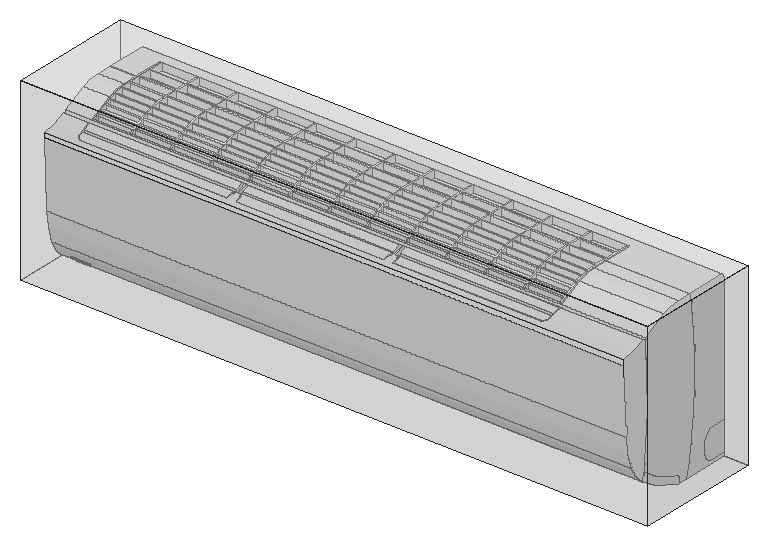
Revit family "outputfile", category 機械設備, Revit 2024
Family settings
  丸型コネクタ寸法 = 半径を使用
  パーツ タイプ = 標準
  OmniClass 番号 = 23.75.10.24.21.27.27
  OmniClass タイトル = Split System Air Conditioning Units
  作業面ベース = いいえ
  常に垂直 = はい
  ロード時にボイドで切り取り = いいえ
  注釈の向きを維持 = いいえ
  共有 = いいえ
  部屋計算ポイント = いいえ
Parameters (values of type "FTKM85P2VMA")
  Description = ""
  製造元 = "Daikin"
  書き出し IFC クラス(タイプ) = "IfcUnitaryEquipmentType"
  定義済み IFC タイプ(タイプ) = "AIRCONDITIONINGUNIT"
  Cost = 0
  モデル = "FTKM85P2VMA"
  Type Comments = ""
  Keynote = ""
  Type Image = (empty or 0)
  Assembly Code = ""
  switch_frequency = yes
  r_Liquid Pipe Size = Liquid Pipe Size / 2  # 3.2 mm
  r_Gas Pipe Size = Gas Pipe Size / 2  # 7.95 mm
  r_Drain Pipe Size = Drain Pipe Size / 2  # 8.0 mm
  lw_powersupply [instance] = if(Left Connection_refrigerant, 389.0 mm, if(Right Connection_refrigerant, 389.0 mm, if(or(Rear Left Connection_refrigerant, Bottom Left Connection_refrigerant), 1120.0 mm, 105.0 mm)))  # 389.0 mm
  lw_liquidpipe [instance] = if(Left Connection_refrigerant, 549.0 mm, if(Right Connection_refrigerant, 549.0 mm, if(or(Rear Left Connection_refrigerant, Bottom Left Connection_refrigerant), 1135.0 mm, 85.0 mm)))  # 549.0 mm
  lw_gaspipe [instance] = if(Left Connection_refrigerant, 489.0 mm, if(Right Connection_refrigerant, 489.0 mm, if(or(Rear Left Connection_refrigerant, Bottom Left Connection_refrigerant), 1150.0 mm, 70.0 mm)))  # 489.0 mm
  lw_drainpipe [instance] = if(Left Connection_refrigerant, 554.0 mm, if(Right Connection_refrigerant, 554.0 mm, if(or(Rear Left Connection_refrigerant, Bottom Left Connection_refrigerant), 1120.0 mm, 105.0 mm)))  # 554.0 mm
  l_powersupply_length [instance] = if(Right Connection_refrigerant, 389.0 mm, if(Left Connection_refrigerant, 811.0 mm, if(or(Rear Left Connection_refrigerant, Rear Right Connection_refrigerant), 15.0 mm, 50.0 mm)))  # 389.0 mm
  l_liquidpipe_length [instance] = if(Right Connection_refrigerant, 549.0 mm, if(Left Connection_refrigerant, 651.0 mm, if(or(Rear Left Connection_refrigerant, Rear Right Connection_refrigerant), 30.0 mm, 40.0 mm)))  # 549.0 mm
  l_gaspipe_length [instance] = if(Right Connection_refrigerant, 489.0 mm, if(Left Connection_refrigerant, 711.0 mm, if(or(Rear Left Connection_refrigerant, Rear Right Connection_refrigerant), 15.0 mm, 25.0 mm)))  # 489.0 mm
  l_drainpipe_length [instance] = if(Right Connection_refrigerant, 554.0 mm, if(Left Connection_refrigerant, 646.0 mm, if(or(Rear Left Connection_refrigerant, Rear Right Connection_refrigerant), 35.0 mm, 30.0 mm)))  # 554.0 mm
  h*** = 0.0 mm  # constant formula
  connector_voltage = Voltage_50Hz  # 230 V
  connector_powerinput = [Power Input (Cooling)]  # 0.000 kW
  connector_phase = Phase_50Hz  # 1
  angle_vertical [instance] = if(or(Bottom Left Connection_refrigerant, Bottom Right Connection_refrigerant), 0.00°, 90.00°)  # 90.00°
  angle_horizontal [instance] = if(Right Connection_refrigerant, 90.00°, if(Left Connection_refrigerant, -90.00°, if(or(Rear Left Connection_refrigerant, Rear Right Connection_refrigerant), 180.00°, 0.00°)))  # 90.00°
  Width = 1200.0 mm
  Voltage_comment_50Hz = "220 - 240"
  Voltage_50Hz = 230 V
  Version = "ver.1.0"
  Unit Type = "Wall Mounted"
  Unit Mass Weight = 17.00 kg
  Unit Designation [instance] = ""
  Uniclass2015Version = "Products v1.30"
  Uniclass2015Title = "Split coil room air conditioning units"
  Uniclass2015Code = "Pr_70_65_03_86"
  URL = ""
  Total Cooling Capacity [instance] = 0.000 kW
  Sound Pressure Level_M speed (dBA) = 47
  Sound Pressure Level_L speed (dBA) = 41
  Sound Pressure Level_H speed (dBA) = 51
  Sound Power Level_H speed (dB) = 0
  Series = "Single Split_Fan Coil Unit"
  Sensible Cooling Capacity [instance] = 0.000 kW
  Refrigerant Type = "R32"
  Power Input (Cooling) = 0.000 kW
  Phase_50Hz = 1
  Option Accessory 3 [instance] = ""
  Option Accessory 2 [instance] = ""
  Option Accessory 1 [instance] = ""
  Nominal Cooling Capacity = 8.500 kW
  Minimum Circuit Amps_50Hz = 0.0 A
  Minimum Airflow = 936.00 m³/h
  Median Airflow = 1120.00 m³/h
  Maximum Fuse Amps_50Hz = 0.0 A
  Maximum Airflow = 1300.00 m³/h
  Material_Casing = DAIKIN_PureWhite_Casing_indoorunit
  Load Classification = HVAC
  Liquid Pipe Size = 6.4 mm
  Link_Nested Family [instance] = ""
  IfcVersion = ""
  IfcExportType = "AIRCONDITIONINGUNIT"
  IfcExportAs = "IfcUnitaryEquipmentType"
  Height = 340.0 mm
  Heat Exchanger Type = "Cross Fin Coil"
  Gas Pipe Size = 15.9 mm
  Frequency_50Hz = 50 Hz
  Fan Type = "Cross Flow Fan"
  Fan Drive = "Direct Drive"
  FCU Tag No. [instance] = ""
  Drain Pipe Size = 16.0 mm
  Design Supply Airflow [instance] = 0.00 m³/h
  Depth = 259.0 mm
  既定の高さ = 0.0 mm
  Cooling Entering Wet Bulb Temperature [instance] = 0.00 °C
  Cooling Entering Dry Bulb Temperature [instance] = 0.00 °C
  Cooling Ambient Wet Bulb Temperature [instance] = 0.00 °C
  Cooling Ambient Dry Bulb Temperature [instance] = 0.00 °C
  Clearance visibility [instance] = yes
  Clearance Top = 30.0 mm
  Clearance Right = 50.0 mm
  Clearance Rear = 0.0 mm
  Clearance Left = 50.0 mm
  Clearance Front = 0.0 mm
  Clearance Bottom = 0.0 mm
  Bottom Right Connection_refrigerant [instance] = no
  Bottom Left Connection_refrigerant [instance] = no
  Rear Right Connection_refrigerant [instance] = no
  Rear Left Connection_refrigerant [instance] = no
  Right Connection_refrigerant [instance] = yes
  Left Connection_refrigerant [instance] = no
Reference planes
  plane 1 "Back": y = 0
  plane 2: z = 0
  plane 3 "Center (Left/Right)": x = 0
  plane 4 "Center (Front/Back)": y = -129.5
  plane 5 "Front": y = -259
  plane 6 "Left": x = -600
  plane 7 "Right": x = 600
  plane 8 "Top": z = 0
  plane 9 "Bottom": z = -340
  plane 10: x = -650
  plane 11: z = -340
  plane 12 "ld_drainpipe": y = -15
  plane 13 "ld_liquidpipe": y = -30
  plane 14: x = 111
  plane 15: x = 51
  plane 16: x = 46
  plane 17: z = 30
  plane 18: x = 650
  plane 19: y = 0
  plane 20: y = -259
  plane 21: x = 211
  plane 22: x = 511
  plane 23: y = -35
Forms (mm)
  Extrusion 1, solid, material "DAIKIN_PureWhite_Casing_indoorunit" <- "Material_Casing"
    sketch origin (0, 0, 0) x (1, 0, 0) y (0, 0, 1)
      loop
        circle (511, -295) r 40
      loop
        circle (-535, -295) r 40
    from 0 to 5
  Extrusion 2, solid, material "DAIKIN_PureWhite_Casing_indoorunit" <- "Material_Casing"
    sketch origin (600, 1296.25, 1200) x (0, -1, 0) y (0, 0, 1)
      loop
        line (1326.25, -1472) -> (1296.25, -1472) -> (1296.25, -1532) -> (1326.25, -1532)
        arc (1326.25, -1532) -> (1340.393, -1526.142) -> (1346.25, -1512) r 20
        line (1346.25, -1512) -> (1346.25, -1492)
        arc (1346.25, -1492) -> (1340.393, -1477.858) -> (1326.25, -1472) r 20
    from 0 to 5
  Extrusion 3, solid, material "DAIKIN_PureWhite_Casing_indoorunit" <- "Material_Casing"
    sketch origin (-600, 1296.25, 1200) x (0, 1, 0) y (0, 0, 1)
      loop
        line (-1296.25, -1472) -> (-1326.25, -1472)
        arc (-1326.25, -1472) -> (-1340.393, -1477.858) -> (-1346.25, -1492) r 20
        line (-1346.25, -1492) -> (-1346.25, -1512)
        arc (-1346.25, -1512) -> (-1340.393, -1526.142) -> (-1326.25, -1532) r 20
        line (-1326.25, -1532) -> (-1296.25, -1532) -> (-1296.25, -1472)
    from 0 to 5
  Extrusion 4, solid, material "DAIKIN_PureWhite_Casing_indoorunit" <- "Material_Casing"
    sketch origin (0, 0, -340) x (-1, 0, 0) y (0, -1, 0)
      loop
        line (-481, 0) -> (-481, 30)
        arc (-481, 30) -> (-486.858, 44.142) -> (-501, 50) r 20
        line (-501, 50) -> (-521, 50)
        arc (-521, 50) -> (-535.142, 44.142) -> (-541, 30) r 20
        line (-541, 30) -> (-541, 0) -> (-481, 0)
      loop
        line (565, 0) -> (565, 30)
        arc (565, 30) -> (559.142, 44.142) -> (545, 50) r 20
        line (545, 50) -> (525, 50)
        arc (525, 50) -> (510.858, 44.142) -> (505, 30) r 20
        line (505, 30) -> (505, 0) -> (565, 0)
    from 0 to 5
  Extrusion 5, solid, material "DAIKIN_PureWhite_Casing_indoorunit" <- "Material_Casing"
    sketch origin (-600, 1296.25, 1200) x (0, 1, 0) y (0, 0, 1)
      loop
        arc (-1384.085, -1200) -> (-1382.584, -1209.393) -> (-1381.156, -1218.797) r 1217.3
        arc (-1381.156, -1218.797) -> (-1378.93, -1237.783) -> (-1376.836, -1256.785) r 2738.4
        arc (-1376.836, -1256.785) -> (-1376.212, -1263.453) -> (-1375.66, -1270.127) r 616.9
        arc (-1375.66, -1270.127) -> (-1373.897, -1298.249) -> (-1372.816, -1326.405) r 1161.9
        arc (-1372.816, -1326.405) -> (-1372.551, -1347.31) -> (-1372.774, -1368.215) r 895.6
        arc (-1372.774, -1368.215) -> (-1373.847, -1397.407) -> (-1375.67, -1426.561) r 1135.9
        arc (-1375.67, -1426.561) -> (-1375.876, -1428.629) -> (-1376.05, -1430.7) r 137.566
        line (-1376.05, -1430.7) -> (-1376.748, -1437.825)
        arc (-1376.748, -1437.825) -> (-1376.846, -1438.875) -> (-1376.947, -1439.926) r 581.3
        arc (-1376.947, -1439.926) -> (-1378.672, -1455.935) -> (-1380.558, -1471.925) r 1594.373
        line (-1380.558, -1471.925) -> (-1381.15, -1476.7) -> (-1382.29, -1485.103)
        arc (-1382.29, -1485.103) -> (-1384.162, -1497.489) -> (-1386.134, -1509.86) r 1546.6
        arc (-1386.134, -1509.86) -> (-1388.869, -1524.943) -> (-1391.741, -1540) r 1684.8
        line (-1391.741, -1540) -> (-1296.25, -1540) -> (-1296.25, -1208) -> (-1301.25, -1200) -> (-1384.085, -1200)
    from 0 to 1200
  Extrusion 6, solid, material "DAIKIN_PureWhite_Casing_indoorunit" <- "Material_Casing"
    sketch origin (-600, 1296.25, 1200) x (0, 1, 0) y (0, 0, 1)
      loop
        arc (-1414.55, -1200) -> (-1434.024, -1201.914) -> (-1452.752, -1207.585) r 100
        arc (-1452.752, -1207.585) -> (-1476.474, -1218.33) -> (-1499.225, -1231) r 314.805
        line (-1499.225, -1231) -> (-1502.28, -1239.145)
        arc (-1502.28, -1239.145) -> (-1495.253, -1346.307) -> (-1501.778, -1453.5) r 851
        line (-1501.778, -1453.5) -> (-1501.982, -1455.13)
        arc (-1501.982, -1455.13) -> (-1503.516, -1466.618) -> (-1505.205, -1478.084) r 851
        arc (-1505.205, -1478.084) -> (-1474.895, -1497.904) -> (-1442.314, -1513.717) r 284.7
        arc (-1442.314, -1513.717) -> (-1431.603, -1517.85) -> (-1420.733, -1521.548) r 284.8
        arc (-1420.733, -1521.548) -> (-1416.044, -1524.921) -> (-1414.25, -1530.411) r 9.3
        line (-1414.25, -1530.411) -> (-1414.25, -1539.117)
        arc (-1414.25, -1539.117) -> (-1412.616, -1539.563) -> (-1410.98, -1540) r 299.8
        line (-1410.98, -1540) -> (-1391.741, -1540)
        arc (-1391.741, -1540) -> (-1389.65, -1529.113) -> (-1387.631, -1518.212) r 1684.8
        line (-1387.631, -1518.212) -> (-1386.731, -1513.212) -> (-1385.002, -1502.84)
        arc (-1385.002, -1502.84) -> (-1383.621, -1493.975) -> (-1382.29, -1485.103) r 1546.6
        line (-1382.29, -1485.103) -> (-1381.15, -1476.7) -> (-1380.558, -1471.925)
        arc (-1380.558, -1471.925) -> (-1378.672, -1455.935) -> (-1376.947, -1439.926) r 1594.373
        arc (-1376.947, -1439.926) -> (-1376.846, -1438.875) -> (-1376.75, -1437.8) r 581.3
        line (-1376.75, -1437.8) -> (-1376.05, -1430.7)
        arc (-1376.05, -1430.7) -> (-1375.876, -1428.629) -> (-1375.67, -1426.561) r 137.566
        arc (-1375.67, -1426.561) -> (-1373.847, -1397.407) -> (-1372.774, -1368.215) r 1135.9
        arc (-1372.774, -1368.215) -> (-1372.551, -1347.31) -> (-1372.816, -1326.405) r 895.6
        arc (-1372.816, -1326.405) -> (-1373.897, -1298.249) -> (-1375.66, -1270.127) r 1161.9
        arc (-1375.66, -1270.127) -> (-1376.212, -1263.453) -> (-1376.836, -1256.785) r 616.9
        arc (-1376.836, -1256.785) -> (-1378.693, -1239.872) -> (-1380.655, -1222.971) r 2738.4
        arc (-1380.655, -1222.971) -> (-1381.22, -1218.629) -> (-1381.831, -1214.293) r 417.8
        arc (-1381.831, -1214.293) -> (-1382.937, -1207.143) -> (-1384.085, -1200) r 1217.3
        line (-1384.085, -1200) -> (-1414.55, -1200)
    from 0 to 1200
  Extrusion 7, solid, material "DAIKIN_PureWhite_Casing_indoorunit" <- "Material_Casing"
    sketch origin (-600, 1296.25, 1200) x (0, 1, 0) y (0, 0, 1)
      loop
        arc (-1507.93, -1494.658) -> (-1478.905, -1512.844) -> (-1447.994, -1527.6) r 299.7
        arc (-1447.994, -1527.6) -> (-1431.293, -1533.86) -> (-1414.25, -1539.117) r 299.8
        line (-1414.25, -1539.117) -> (-1414.25, -1530.411)
        arc (-1414.25, -1530.411) -> (-1416.044, -1524.921) -> (-1420.733, -1521.548) r 9.3
        arc (-1420.733, -1521.548) -> (-1431.603, -1517.85) -> (-1442.314, -1513.717) r 284.8
        arc (-1442.314, -1513.717) -> (-1474.895, -1497.904) -> (-1505.205, -1478.084) r 284.7
        arc (-1505.205, -1478.084) -> (-1506.527, -1486.377) -> (-1507.93, -1494.658) r 851
    from 0 to 1200
  Extrusion 8, void
    sketch origin (-600, 1296.25, 1200) x (0, 1, 0) y (0, 0, 1)
      loop
        line (-1414.25, -1544.301) -> (-1414.25, -1530.411)
        arc (-1414.25, -1530.411) -> (-1416.044, -1524.921) -> (-1420.733, -1521.548) r 9.3
        arc (-1420.733, -1521.548) -> (-1431.603, -1517.85) -> (-1442.314, -1513.717) r 284.8
        arc (-1442.314, -1513.717) -> (-1474.895, -1497.904) -> (-1505.205, -1478.084) r 284.7
        arc (-1505.205, -1478.084) -> (-1506.979, -1489.099) -> (-1508.897, -1500.091) r 851
        arc (-1508.897, -1500.091) -> (-1480.28, -1517.791) -> (-1449.887, -1532.228) r 304.7
        arc (-1449.887, -1532.228) -> (-1432.255, -1538.815) -> (-1414.25, -1544.301) r 304.8
    from 47 to 1024
  Extrusion 9, solid, material "DAIKIN_PureWhite_Casing_indoorunit" <- "Material_Casing"
    sketch origin (-600, 1296.25, 1100) x (0, 1, 0) y (0, 0, 1)
      loop
        arc (-1507.885, -1394.678) -> (-1486.868, -1408.302) -> (-1464.786, -1420.124) r 299.701
        line (-1464.786, -1420.124) -> (-1458.696, -1407.518)
        arc (-1458.696, -1407.518) -> (-1482.692, -1394.492) -> (-1505.335, -1379.235) r 285.7
        arc (-1505.335, -1379.235) -> (-1506.574, -1386.963) -> (-1507.885, -1394.678) r 851.024
      loop
        arc (-1448.076, -1427.563) -> (-1441.661, -1430.104) -> (-1435.19, -1432.496) r 299.8
        line (-1435.19, -1432.496) -> (-1430.487, -1419.314)
        arc (-1430.487, -1419.314) -> (-1444.37, -1413.95) -> (-1457.955, -1407.87) r 285.8
        line (-1457.955, -1407.87) -> (-1464.006, -1420.505)
        arc (-1464.006, -1420.505) -> (-1456.092, -1424.15) -> (-1448.076, -1427.563) r 299.705
    from 52 to 1019
  Extrusion 10, solid, material "DAIKIN_PureWhite_Casing_indoorunit" <- "Material_Casing"
    sketch origin (-600, 1296.25, 1200) x (0, 1, 0) y (0, 0, 1)
      loop
        arc (-1507.918, -1494.588) -> (-1495.467, -1367.485) -> (-1502.176, -1239.949) r 851
        arc (-1502.176, -1239.949) -> (-1502.486, -1237.562) -> (-1502.803, -1235.176) r 851
        line (-1502.803, -1235.176) -> (-1504.147, -1234)
        arc (-1504.147, -1234) -> (-1529.2, -1243.032) -> (-1555.25, -1248.565) r 195
        line (-1555.25, -1248.565) -> (-1555.25, -1258.08)
        arc (-1555.25, -1258.08) -> (-1553.575, -1326.437) -> (-1549.278, -1394.679) r 1781.946
        arc (-1549.278, -1394.679) -> (-1544.581, -1427.054) -> (-1535.917, -1458.6) r 264.022
        arc (-1535.917, -1458.6) -> (-1524.928, -1478.936) -> (-1507.918, -1494.588) r 70.049
    from 0 to 1200
  Extrusion 11, void
    sketch origin (-600, 1296.25, 1200) x (0, 1, 0) y (0, 0, 1)
      loop
        line (-1496.75, -1223.686) -> (-1496.75, -1247.152)
        arc (-1496.75, -1247.152) -> (-1472.513, -1233.15) -> (-1447.076, -1221.469) r 299.805
        arc (-1447.076, -1221.469) -> (-1431.132, -1216.633) -> (-1414.55, -1215) r 85
        line (-1414.55, -1215) -> (-1324.05, -1215) -> (-1324.05, -1195) -> (-1414.55, -1195)
        arc (-1414.55, -1195) -> (-1434.988, -1197.008) -> (-1454.644, -1202.956) r 105
        arc (-1454.644, -1202.956) -> (-1476.078, -1212.547) -> (-1496.75, -1223.686) r 319.805
    from 53 to 1025
  Extrusion 12, solid, material "DAIKIN_PureWhite_Casing_indoorunit" <- "Material_Casing"
    sketch origin (-600, 1296.25, 1200) x (0, 1, 0) y (0, 0, 1)
      loop
        line (-1324.05, -1200) -> (-1414.55, -1200)
        arc (-1414.55, -1200) -> (-1434.024, -1201.914) -> (-1452.752, -1207.585) r 100
        arc (-1452.752, -1207.585) -> (-1475.18, -1217.682) -> (-1496.75, -1229.5) r 314.805
        line (-1496.75, -1229.5) -> (-1496.75, -1247.152)
        arc (-1496.75, -1247.152) -> (-1472.513, -1233.15) -> (-1447.076, -1221.469) r 299.805
        arc (-1447.076, -1221.469) -> (-1431.132, -1216.633) -> (-1414.55, -1215) r 85
        line (-1414.55, -1215) -> (-1324.05, -1215) -> (-1324.05, -1200)
    from 53 to 1025
  Extrusion 13, void
    sketch origin (0, 0, 770.025) x (-1, 0, 0) y (0, -1, 0)
      loop
        arc (546.513, 235.15) -> (542.989, 242.307) -> (535.554, 245.2) r 11
        line (535.554, 245.2) -> (233.402, 245.2) -> (233.402, 231.7) -> (230.402, 231.7) -> (230.402, 227.2) -> (225.152, 227.2) -> (225.152, 206.552) -> (550.37, 206.552)
        arc (550.37, 206.552) -> (549.357, 206.947) -> (548.876, 207.923) r 1.5
        line (548.876, 207.923) -> (546.513, 235.15)
      loop
        arc (-413.554, 245.2) -> (-420.989, 242.307) -> (-424.513, 235.15) r 11
        line (-424.513, 235.15) -> (-426.876, 207.923)
        arc (-426.876, 207.923) -> (-427.357, 206.947) -> (-428.371, 206.552) r 1.5
        line (-428.371, 206.552) -> (-102.848, 206.552) -> (-102.848, 227.2) -> (-108.098, 227.2) -> (-108.098, 231.7) -> (-111.098, 231.7) -> (-111.098, 245.2) -> (-413.554, 245.2)
      loop
        line (222.652, 206.552) -> (222.652, 227.2) -> (217.402, 227.2) -> (217.402, 231.7) -> (214.402, 231.7) -> (214.402, 245.2) -> (-92.098, 245.2) -> (-92.098, 231.7) -> (-95.098, 231.7) -> (-95.098, 227.2) -> (-100.348, 227.2) -> (-100.348, 206.552) -> (222.652, 206.552)
    from -820.404 to -800.025
  Extrusion 14, solid, material "DAIKIN_PureWhite_Casing_indoorunit" <- "Material_Casing"
    sketch origin (0, 0, 820.025) x (-1, 0, 0) y (0, -1, 0)
      loop
        arc (546.513, 235.15) -> (542.989, 242.307) -> (535.554, 245.2) r 11
        line (535.554, 245.2) -> (233.402, 245.2) -> (233.402, 231.7) -> (230.402, 231.7) -> (230.402, 227.2) -> (547.202, 227.2) -> (546.513, 235.15)
      loop
        arc (-413.554, 245.2) -> (-420.989, 242.307) -> (-424.513, 235.15) r 11
        line (-424.513, 235.15) -> (-425.202, 227.2) -> (-108.098, 227.2) -> (-108.098, 231.7) -> (-111.098, 231.7) -> (-111.098, 245.2) -> (-413.554, 245.2)
      loop
        line (548.876, 207.897) -> (547.566, 223) -> (230.402, 223) -> (230.402, 206.552) -> (550.37, 206.552)
        arc (550.37, 206.552) -> (549.357, 206.947) -> (548.876, 207.897) r 1.5
      loop
        line (-108.098, 206.552) -> (-108.098, 223) -> (-425.567, 223) -> (-426.876, 207.923)
        arc (-426.876, 207.923) -> (-427.357, 206.947) -> (-428.371, 206.552) r 1.5
        line (-428.371, 206.552) -> (-108.098, 206.552)
      loop
        line (217.402, 206.552) -> (217.402, 223) -> (-95.098, 223) -> (-95.098, 206.552) -> (217.402, 206.552)
      loop
        line (214.402, 245.2) -> (-92.098, 245.2) -> (-92.098, 231.7) -> (-95.098, 231.7) -> (-95.098, 227.2) -> (217.402, 227.2) -> (217.402, 231.7) -> (214.402, 231.7) -> (214.402, 245.2)
    from -869.974 to -850.025
  Extrusion 15, void
    sketch origin (-600, 1296.25, 1200) x (0, 1, 0) y (0, 0, 1)
      loop
        line (-1504.147, -1234) -> (-1502.803, -1235.176) -> (-1502.803, -1226.787) -> (-1541.45, -1226.787) -> (-1541.45, -1246.098)
        arc (-1541.45, -1246.098) -> (-1522.494, -1240.989) -> (-1504.147, -1234) r 195
    from 42.955 to 1056.244
  Extrusion 16, void
    sketch origin (2000, -3000, 770.025) x (-1, 0, 0) y (0, -1, 0)
      loop
        line (2469.102, -2972.2) -> (2543, -2972.2) -> (2543, -2944.306) -> (2469.102, -2944.306) -> (2469.102, -2972.2)
      loop
        line (2469.102, -2806.638) -> (2543, -2806.638) -> (2543, -2799.5) -> (2469.102, -2799.5) -> (2469.102, -2806.638)
      loop
        line (2469.102, -2816.646) -> (2543, -2816.646) -> (2543, -2809.343) -> (2469.102, -2809.343) -> (2469.102, -2816.646)
      loop
        line (2469.102, -2827.654) -> (2543, -2827.654) -> (2543, -2819.336) -> (2469.102, -2819.336) -> (2469.102, -2827.654)
      loop
        line (2469.102, -2838.661) -> (2543, -2838.661) -> (2543, -2830.33) -> (2469.102, -2830.33) -> (2469.102, -2838.661)
      loop
        line (2469.102, -2852.675) -> (2543, -2852.675) -> (2543, -2841.325) -> (2469.102, -2841.325) -> (2469.102, -2852.675)
      loop
        line (2469.102, -2868.69) -> (2543, -2868.69) -> (2543, -2855.314) -> (2469.102, -2855.314) -> (2469.102, -2868.69)
      loop
        line (2469.102, -2889.694) -> (2543, -2889.694) -> (2543, -2871.306) -> (2469.102, -2871.306) -> (2469.102, -2889.694)
      loop
        line (2469.102, -2913.694) -> (2543, -2913.694) -> (2543, -2892.306) -> (2469.102, -2892.306) -> (2469.102, -2913.694)
      loop
        line (2469.102, -2941.694) -> (2543, -2941.694) -> (2543, -2916.306) -> (2469.102, -2916.306) -> (2469.102, -2941.694)
      loop
        line (2387.902, -2972.2) -> (2466.102, -2972.2) -> (2466.102, -2944.306) -> (2387.902, -2944.306) -> (2387.902, -2972.2)
      loop
        line (2387.902, -2806.638) -> (2466.102, -2806.638) -> (2466.102, -2799.5) -> (2387.902, -2799.5) -> (2387.902, -2806.638)
      loop
        line (2387.902, -2816.646) -> (2466.102, -2816.646) -> (2466.102, -2809.343) -> (2387.902, -2809.343) -> (2387.902, -2816.646)
      loop
        line (2387.902, -2827.654) -> (2466.102, -2827.654) -> (2466.102, -2819.336) -> (2387.902, -2819.336) -> (2387.902, -2827.654)
      loop
        line (2387.902, -2838.661) -> (2466.102, -2838.661) -> (2466.102, -2830.33) -> (2387.902, -2830.33) -> (2387.902, -2838.661)
      loop
        line (2387.902, -2852.675) -> (2466.102, -2852.675) -> (2466.102, -2841.325) -> (2387.902, -2841.325) -> (2387.902, -2852.675)
      loop
        line (2387.902, -2868.69) -> (2466.102, -2868.69) -> (2466.102, -2855.314) -> (2387.902, -2855.314) -> (2387.902, -2868.69)
      loop
        line (2387.902, -2889.694) -> (2466.102, -2889.694) -> (2466.102, -2871.306) -> (2387.902, -2871.306) -> (2387.902, -2889.694)
      loop
        line (2387.902, -2913.694) -> (2466.102, -2913.694) -> (2466.102, -2892.306) -> (2387.902, -2892.306) -> (2387.902, -2913.694)
      loop
        line (2387.902, -2941.694) -> (2466.102, -2941.694) -> (2466.102, -2916.306) -> (2387.902, -2916.306) -> (2387.902, -2941.694)
      loop
        line (2225.152, -2972.2) -> (2303.702, -2972.2) -> (2303.702, -2944.306) -> (2225.152, -2944.306) -> (2225.152, -2972.2)
      loop
        line (2225.152, -2806.638) -> (2303.702, -2806.638) -> (2303.702, -2799.5) -> (2225.152, -2799.5) -> (2225.152, -2806.638)
      loop
        line (2225.152, -2816.646) -> (2303.702, -2816.646) -> (2303.702, -2809.343) -> (2225.152, -2809.343) -> (2225.152, -2816.646)
      loop
        line (2225.152, -2827.654) -> (2303.702, -2827.654) -> (2303.702, -2819.336) -> (2225.152, -2819.336) -> (2225.152, -2827.654)
      loop
        line (2225.152, -2838.661) -> (2303.702, -2838.661) -> (2303.702, -2830.33) -> (2225.152, -2830.33) -> (2225.152, -2838.661)
      loop
        line (2225.152, -2852.675) -> (2303.702, -2852.675) -> (2303.702, -2841.325) -> (2225.152, -2841.325) -> (2225.152, -2852.675)
      loop
        line (2225.152, -2868.69) -> (2303.702, -2868.69) -> (2303.702, -2855.314) -> (2225.152, -2855.314) -> (2225.152, -2868.69)
      loop
        line (2225.152, -2889.694) -> (2303.702, -2889.694) -> (2303.702, -2871.306) -> (2225.152, -2871.306) -> (2225.152, -2889.694)
      loop
        line (2225.152, -2913.694) -> (2303.702, -2913.694) -> (2303.702, -2892.306) -> (2225.152, -2892.306) -> (2225.152, -2913.694)
      loop
        line (2225.152, -2941.694) -> (2303.702, -2941.694) -> (2303.702, -2916.306) -> (2225.152, -2916.306) -> (2225.152, -2941.694)
      loop
        line (2306.702, -2972.2) -> (2384.902, -2972.2) -> (2384.902, -2944.306) -> (2306.702, -2944.306) -> (2306.702, -2972.2)
      loop
        line (2306.702, -2806.638) -> (2384.902, -2806.638) -> (2384.902, -2799.5) -> (2306.702, -2799.5) -> (2306.702, -2806.638)
      loop
        line (2306.702, -2816.646) -> (2384.902, -2816.646) -> (2384.902, -2809.343) -> (2306.702, -2809.343) -> (2306.702, -2816.646)
      loop
        line (2306.702, -2827.654) -> (2384.902, -2827.654) -> (2384.902, -2819.336) -> (2306.702, -2819.336) -> (2306.702, -2827.654)
      loop
        line (2306.702, -2838.661) -> (2384.902, -2838.661) -> (2384.902, -2830.33) -> (2306.702, -2830.33) -> (2306.702, -2838.661)
      loop
        line (2306.702, -2852.675) -> (2384.902, -2852.675) -> (2384.902, -2841.325) -> (2306.702, -2841.325) -> (2306.702, -2852.675)
      loop
        line (2306.702, -2868.69) -> (2384.902, -2868.69) -> (2384.902, -2855.314) -> (2306.702, -2855.314) -> (2306.702, -2868.69)
      loop
        line (2306.702, -2889.694) -> (2384.902, -2889.694) -> (2384.902, -2871.306) -> (2306.702, -2871.306) -> (2306.702, -2889.694)
      loop
        line (2306.702, -2913.694) -> (2384.902, -2913.694) -> (2384.902, -2892.306) -> (2306.702, -2892.306) -> (2306.702, -2913.694)
      loop
        line (2306.702, -2941.694) -> (2384.902, -2941.694) -> (2384.902, -2916.306) -> (2306.702, -2916.306) -> (2306.702, -2941.694)
      loop
        line (2143.602, -2972.2) -> (2222.652, -2972.2) -> (2222.652, -2944.306) -> (2143.602, -2944.306) -> (2143.602, -2972.2)
      loop
        line (2143.602, -2806.638) -> (2222.652, -2806.638) -> (2222.652, -2799.5) -> (2143.602, -2799.5) -> (2143.602, -2806.638)
      loop
        line (2143.602, -2816.646) -> (2222.652, -2816.646) -> (2222.652, -2809.343) -> (2143.602, -2809.343) -> (2143.602, -2816.646)
      loop
        line (2143.602, -2827.654) -> (2222.652, -2827.654) -> (2222.652, -2819.336) -> (2143.602, -2819.336) -> (2143.602, -2827.654)
      loop
        line (2143.602, -2838.661) -> (2222.652, -2838.661) -> (2222.652, -2830.33) -> (2143.602, -2830.33) -> (2143.602, -2838.661)
      loop
        line (2143.602, -2852.675) -> (2222.652, -2852.675) -> (2222.652, -2841.325) -> (2143.602, -2841.325) -> (2143.602, -2852.675)
      loop
        line (2143.602, -2868.69) -> (2222.652, -2868.69) -> (2222.652, -2855.314) -> (2143.602, -2855.314) -> (2143.602, -2868.69)
      loop
        line (2143.602, -2889.694) -> (2222.652, -2889.694) -> (2222.652, -2871.306) -> (2143.602, -2871.306) -> (2143.602, -2889.694)
      loop
        line (2143.602, -2913.694) -> (2222.652, -2913.694) -> (2222.652, -2892.306) -> (2143.602, -2892.306) -> (2143.602, -2913.694)
      loop
        line (2143.602, -2941.694) -> (2222.652, -2941.694) -> (2222.652, -2916.306) -> (2143.602, -2916.306) -> (2143.602, -2941.694)
      loop
        line (2062.402, -2972.2) -> (2140.602, -2972.2) -> (2140.602, -2944.306) -> (2062.402, -2944.306) -> (2062.402, -2972.2)
      loop
        line (2062.402, -2806.638) -> (2140.602, -2806.638) -> (2140.602, -2799.5) -> (2062.402, -2799.5) -> (2062.402, -2806.638)
      loop
        line (2062.402, -2816.646) -> (2140.602, -2816.646) -> (2140.602, -2809.343) -> (2062.402, -2809.343) -> (2062.402, -2816.646)
      loop
        line (2062.402, -2827.654) -> (2140.602, -2827.654) -> (2140.602, -2819.336) -> (2062.402, -2819.336) -> (2062.402, -2827.654)
      loop
        line (2062.402, -2838.661) -> (2140.602, -2838.661) -> (2140.602, -2830.33) -> (2062.402, -2830.33) -> (2062.402, -2838.661)
      loop
        line (2062.402, -2852.675) -> (2140.602, -2852.675) -> (2140.602, -2841.325) -> (2062.402, -2841.325) -> (2062.402, -2852.675)
      loop
        line (2062.402, -2868.69) -> (2140.602, -2868.69) -> (2140.602, -2855.314) -> (2062.402, -2855.314) -> (2062.402, -2868.69)
      loop
        line (2062.402, -2889.694) -> (2140.602, -2889.694) -> (2140.602, -2871.306) -> (2062.402, -2871.306) -> (2062.402, -2889.694)
      loop
        line (2062.402, -2913.694) -> (2140.602, -2913.694) -> (2140.602, -2892.306) -> (2062.402, -2892.306) -> (2062.402, -2913.694)
      loop
        line (2062.402, -2941.694) -> (2140.602, -2941.694) -> (2140.602, -2916.306) -> (2062.402, -2916.306) -> (2062.402, -2941.694)
      loop
        line (1981.202, -2972.2) -> (2059.402, -2972.2) -> (2059.402, -2944.306) -> (1981.202, -2944.306) -> (1981.202, -2972.2)
      loop
        line (1981.202, -2806.638) -> (2059.402, -2806.638) -> (2059.402, -2799.5) -> (1981.202, -2799.5) -> (1981.202, -2806.638)
      loop
        line (1981.202, -2816.646) -> (2059.402, -2816.646) -> (2059.402, -2809.343) -> (1981.202, -2809.343) -> (1981.202, -2816.646)
      loop
        line (1981.202, -2827.654) -> (2059.402, -2827.654) -> (2059.402, -2819.336) -> (1981.202, -2819.336) -> (1981.202, -2827.654)
      loop
        line (1981.202, -2838.661) -> (2059.402, -2838.661) -> (2059.402, -2830.33) -> (1981.202, -2830.33) -> (1981.202, -2838.661)
      loop
        line (1981.202, -2852.675) -> (2059.402, -2852.675) -> (2059.402, -2841.325) -> (1981.202, -2841.325) -> (1981.202, -2852.675)
      loop
        line (1981.202, -2868.69) -> (2059.402, -2868.69) -> (2059.402, -2855.314) -> (1981.202, -2855.314) -> (1981.202, -2868.69)
      loop
        line (1981.202, -2889.694) -> (2059.402, -2889.694) -> (2059.402, -2871.306) -> (1981.202, -2871.306) -> (1981.202, -2889.694)
      loop
        line (1981.202, -2913.694) -> (2059.402, -2913.694) -> (2059.402, -2892.306) -> (1981.202, -2892.306) -> (1981.202, -2913.694)
      loop
        line (1981.202, -2941.694) -> (2059.402, -2941.694) -> (2059.402, -2916.306) -> (1981.202, -2916.306) -> (1981.202, -2941.694)
      loop
        line (1899.652, -2972.2) -> (1978.202, -2972.2) -> (1978.202, -2944.306) -> (1899.652, -2944.306) -> (1899.652, -2972.2)
      loop
        line (1899.652, -2806.638) -> (1978.202, -2806.638) -> (1978.202, -2799.5) -> (1899.652, -2799.5) -> (1899.652, -2806.638)
      loop
        line (1899.652, -2816.646) -> (1978.202, -2816.646) -> (1978.202, -2809.343) -> (1899.652, -2809.343) -> (1899.652, -2816.646)
      loop
        line (1899.652, -2827.654) -> (1978.202, -2827.654) -> (1978.202, -2819.336) -> (1899.652, -2819.336) -> (1899.652, -2827.654)
      loop
        line (1899.652, -2838.661) -> (1978.202, -2838.661) -> (1978.202, -2830.33) -> (1899.652, -2830.33) -> (1899.652, -2838.661)
      loop
        line (1899.652, -2852.675) -> (1978.202, -2852.675) -> (1978.202, -2841.325) -> (1899.652, -2841.325) -> (1899.652, -2852.675)
      loop
        line (1899.652, -2868.69) -> (1978.202, -2868.69) -> (1978.202, -2855.314) -> (1899.652, -2855.314) -> (1899.652, -2868.69)
      loop
        line (1899.652, -2889.694) -> (1978.202, -2889.694) -> (1978.202, -2871.306) -> (1899.652, -2871.306) -> (1899.652, -2889.694)
      loop
        line (1899.652, -2913.694) -> (1978.202, -2913.694) -> (1978.202, -2892.306) -> (1899.652, -2892.306) -> (1899.652, -2913.694)
      loop
        line (1899.652, -2941.694) -> (1978.202, -2941.694) -> (1978.202, -2916.306) -> (1899.652, -2916.306) -> (1899.652, -2941.694)
      loop
        line (1818.102, -2972.2) -> (1897.152, -2972.2) -> (1897.152, -2944.306) -> (1818.102, -2944.306) -> (1818.102, -2972.2)
      loop
        line (1818.102, -2806.638) -> (1897.152, -2806.638) -> (1897.152, -2799.5) -> (1818.102, -2799.5) -> (1818.102, -2806.638)
      loop
        line (1818.102, -2816.646) -> (1897.152, -2816.646) -> (1897.152, -2809.343) -> (1818.102, -2809.343) -> (1818.102, -2816.646)
      loop
        line (1818.102, -2827.654) -> (1897.152, -2827.654) -> (1897.152, -2819.336) -> (1818.102, -2819.336) -> (1818.102, -2827.654)
      loop
        line (1818.102, -2838.661) -> (1897.152, -2838.661) -> (1897.152, -2830.33) -> (1818.102, -2830.33) -> (1818.102, -2838.661)
      loop
        line (1818.102, -2852.675) -> (1897.152, -2852.675) -> (1897.152, -2841.325) -> (1818.102, -2841.325) -> (1818.102, -2852.675)
      loop
        line (1818.102, -2868.69) -> (1897.152, -2868.69) -> (1897.152, -2855.314) -> (1818.102, -2855.314) -> (1818.102, -2868.69)
      loop
        line (1818.102, -2889.694) -> (1897.152, -2889.694) -> (1897.152, -2871.306) -> (1818.102, -2871.306) -> (1818.102, -2889.694)
      loop
        line (1818.102, -2913.694) -> (1897.152, -2913.694) -> (1897.152, -2892.306) -> (1818.102, -2892.306) -> (1818.102, -2913.694)
      loop
        line (1818.102, -2941.694) -> (1897.152, -2941.694) -> (1897.152, -2916.306) -> (1818.102, -2916.306) -> (1818.102, -2941.694)
      loop
        line (1736.902, -2972.2) -> (1815.102, -2972.2) -> (1815.102, -2944.306) -> (1736.902, -2944.306) -> (1736.902, -2972.2)
      loop
        line (1736.902, -2806.638) -> (1815.102, -2806.638) -> (1815.102, -2799.5) -> (1736.902, -2799.5) -> (1736.902, -2806.638)
      loop
        line (1736.902, -2816.646) -> (1815.102, -2816.646) -> (1815.102, -2809.343) -> (1736.902, -2809.343) -> (1736.902, -2816.646)
      loop
        line (1736.902, -2827.654) -> (1815.102, -2827.654) -> (1815.102, -2819.336) -> (1736.902, -2819.336) -> (1736.902, -2827.654)
      loop
        line (1736.902, -2838.661) -> (1815.102, -2838.661) -> (1815.102, -2830.33) -> (1736.902, -2830.33) -> (1736.902, -2838.661)
      loop
        line (1736.902, -2852.675) -> (1815.102, -2852.675) -> (1815.102, -2841.325) -> (1736.902, -2841.325) -> (1736.902, -2852.675)
      loop
        line (1736.902, -2868.69) -> (1815.102, -2868.69) -> (1815.102, -2855.314) -> (1736.902, -2855.314) -> (1736.902, -2868.69)
      loop
        line (1736.902, -2889.694) -> (1815.102, -2889.694) -> (1815.102, -2871.306) -> (1736.902, -2871.306) -> (1736.902, -2889.694)
      loop
        line (1736.902, -2913.694) -> (1815.102, -2913.694) -> (1815.102, -2892.306) -> (1736.902, -2892.306) -> (1736.902, -2913.694)
      loop
        line (1736.902, -2941.694) -> (1815.102, -2941.694) -> (1815.102, -2916.306) -> (1736.902, -2916.306) -> (1736.902, -2941.694)
      loop
        line (1655.702, -2972.2) -> (1733.902, -2972.2) -> (1733.902, -2944.306) -> (1655.702, -2944.306) -> (1655.702, -2972.2)
      loop
        line (1655.702, -2806.638) -> (1733.902, -2806.638) -> (1733.902, -2799.5) -> (1655.702, -2799.5) -> (1655.702, -2806.638)
      loop
        line (1655.702, -2816.646) -> (1733.902, -2816.646) -> (1733.902, -2809.343) -> (1655.702, -2809.343) -> (1655.702, -2816.646)
      loop
        line (1655.702, -2827.654) -> (1733.902, -2827.654) -> (1733.902, -2819.336) -> (1655.702, -2819.336) -> (1655.702, -2827.654)
      loop
        line (1655.702, -2838.661) -> (1733.902, -2838.661) -> (1733.902, -2830.33) -> (1655.702, -2830.33) -> (1655.702, -2838.661)
      loop
        line (1655.702, -2852.675) -> (1733.902, -2852.675) -> (1733.902, -2841.325) -> (1655.702, -2841.325) -> (1655.702, -2852.675)
      loop
        line (1655.702, -2868.69) -> (1733.902, -2868.69) -> (1733.902, -2855.314) -> (1655.702, -2855.314) -> (1655.702, -2868.69)
      loop
        line (1655.702, -2889.694) -> (1733.902, -2889.694) -> (1733.902, -2871.306) -> (1655.702, -2871.306) -> (1655.702, -2889.694)
      loop
        line (1655.702, -2913.694) -> (1733.902, -2913.694) -> (1733.902, -2892.306) -> (1655.702, -2892.306) -> (1655.702, -2913.694)
      loop
        line (1655.702, -2941.694) -> (1733.902, -2941.694) -> (1733.902, -2916.306) -> (1655.702, -2916.306) -> (1655.702, -2941.694)
      loop
        line (1579, -2972.2) -> (1652.702, -2972.2) -> (1652.702, -2944.306) -> (1579, -2944.306) -> (1579, -2972.2)
      loop
        line (1579, -2806.638) -> (1652.702, -2806.638) -> (1652.702, -2799.5) -> (1579, -2799.5) -> (1579, -2806.638)
      loop
        line (1579, -2816.646) -> (1652.702, -2816.646) -> (1652.702, -2809.343) -> (1579, -2809.343) -> (1579, -2816.646)
      loop
        line (1579, -2827.654) -> (1652.702, -2827.654) -> (1652.702, -2819.336) -> (1579, -2819.336) -> (1579, -2827.654)
      loop
        line (1579, -2838.661) -> (1652.702, -2838.661) -> (1652.702, -2830.33) -> (1579, -2830.33) -> (1579, -2838.661)
      loop
        line (1579, -2852.675) -> (1652.702, -2852.675) -> (1652.702, -2841.325) -> (1579, -2841.325) -> (1579, -2852.675)
      loop
        line (1579, -2868.69) -> (1652.702, -2868.69) -> (1652.702, -2855.314) -> (1579, -2855.314) -> (1579, -2868.69)
      loop
        line (1579, -2889.694) -> (1652.702, -2889.694) -> (1652.702, -2871.306) -> (1579, -2871.306) -> (1579, -2889.694)
      loop
        line (1579, -2913.694) -> (1652.702, -2913.694) -> (1652.702, -2892.306) -> (1579, -2892.306) -> (1579, -2913.694)
      loop
        line (1579, -2941.694) -> (1652.702, -2941.694) -> (1652.702, -2916.306) -> (1579, -2916.306) -> (1579, -2941.694)
    from -762.353 to -819.974
Cuts and joins
  Extrusion 8 cuts Extrusion 7
  Extrusion 11 cuts Extrusion 5
  Extrusion 11 cuts Extrusion 6
  Extrusion 13 cuts Extrusion 10
  Extrusion 15 cuts Extrusion 14
  Extrusion 16 cuts Extrusion 12
Lines and regions (mm)
  reference lines
    curve 1: line (-523, -227.534, -280.336) -> (-523, -220.902, -287.82)
Dimensions and locks
  equal spacing: plane 6 "Left", plane 3 "Center (Left/Right)", plane 7 "Right"
  "Width": plane 6 "Left" to plane 7 "Right"
  equal spacing: plane 5 "Front", plane 4 "Center (Front/Back)", plane 1 "Back"
  "Depth": plane 5 "Front" to plane 1 "Back"
  "Height": plane 8 "Top" to plane 9 "Bottom"
  "Clearance Bottom": plane 9 "Bottom" to plane 11
  locked: plane 9 "Bottom" to Extrusion 1 sketch curve at 45  (x2)
  locked: Extrusion 1 sketch curve to plane 6 "Left" at 65
  locked: plane 7 "Right" to Extrusion 1 sketch curve at 89
  locked: plane 12 "ld_drainpipe" to plane 1 "Back" at 15
  locked: plane 1 "Back" to plane 13 "ld_liquidpipe" at 30
  Extrusion 2 sketch curve to Extrusion 2 sketch curve to plane 9 "Bottom" = 60.0 mm locked, 8.0 mm locked
  locked: Extrusion 2 sketch curve to Extrusion 2 sketch curve at 50
  locked: Extrusion 4 sketch curve to Extrusion 4 sketch curve at 60  (x2)
  locked: Extrusion 4 sketch curve to Extrusion 4 sketch curve at 50
  locked: plane 6 "Left" to Extrusion 4 sketch curve at 35
  "Clearance Left": plane 10 to plane 6 "Left"
  locked: Extrusion 4 sketch curve to plane 7 "Right" at 59
  "Clearance Top": plane 17 to plane 8 "Top"
  "Clearance Right": plane 7 "Right" to plane 18
  "Clearance Rear": plane 1 "Back" to plane 19
  "Clearance Front": plane 20 to plane 5 "Front"
  locked: plane 22 to plane 7 "Right" at 89
  "lw_powersupply": plane 21 to plane 7 "Right"
  "lw_gaspipe": plane 14 to plane 7 "Right"
  "lw_liquidpipe": plane 15 to plane 7 "Right"
  "lw_drainpipe": plane 16 to plane 7 "Right"
  locked: plane 23 to plane 1 "Back" at 35
  aligned and locked: level to plane 2
  aligned and locked: plane 10 to nested 1
  aligned and locked: plane 11 to nested 1
  aligned and locked: plane 1 "Back" to Extrusion 2 sketch curve
  aligned and locked: Extrusion 3 sketch curve to Extrusion 2  (x4)
  aligned and locked: Extrusion 4 sketch curve to Extrusion 4 sketch curve  (x2)
  aligned and locked: plane 1 "Back" to Extrusion 4 sketch curve
  aligned and locked: nested 4 to plane 13 "ld_liquidpipe"
  aligned and locked: nested 5 to plane 12 "ld_drainpipe"
  aligned and locked: level to plane 8 "Top"
  aligned and locked: Extrusion 5 to plane 6 "Left"
  aligned and locked: Extrusion 5 to plane 7 "Right"
  aligned and locked: Extrusion 6 to plane 6 "Left"
  aligned and locked: Extrusion 6 to plane 7 "Right"
  aligned and locked: Extrusion 7 to plane 6 "Left"
  aligned and locked: Extrusion 7 to plane 7 "Right"
  aligned and locked: Extrusion 10 to plane 6 "Left"
  aligned and locked: plane 7 "Right" to Extrusion 10
  aligned and locked: nested 5 to plane 14
  aligned and locked: nested 4 to plane 15
  aligned and locked: nested 3 to plane 16
  aligned and locked: plane 17 to nested 1
  aligned and locked: nested 1 to plane 18
  aligned and locked: nested 1 to plane 19
  aligned and locked: plane 20 to nested 1
  aligned and locked: nested 6 to plane 12 "ld_drainpipe"
  aligned and locked: plane 21 to nested 6
  aligned and locked: plane 23 to nested 3
Automatic sketch dimensions
  Extrusion 2 sketch curve to plane 13 "ld_liquidpipe" = 0.0 mm  (x2)
  Extrusion 4 sketch curve to plane 13 "ld_liquidpipe" = 0.0 mm  (x4)
  Extrusion 5 sketch curve to plane 9 "Bottom" = 0.0 mm
  Extrusion 5 sketch curve to level = 0.0 mm
  Extrusion 5 sketch curve to plane 1 "Back" = 0.0 mm
  plane 1 "Back" to Extrusion 5 sketch curve = 5.0 mm
  Extrusion 5 sketch curve to Extrusion 5 sketch curve = 4.508 mm
  Extrusion 5 sketch curve to Extrusion 5 sketch curve = 0.592 mm
  Extrusion 5 sketch curve to Extrusion 5 sketch curve = 1.14 mm
  Extrusion 5 sketch curve to Extrusion 5 sketch curve = 82.835 mm
  Extrusion 5 sketch curve to Extrusion 5 sketch curve = 9.451 mm
  Extrusion 5 sketch curve to Extrusion 5 sketch curve = 35.18 mm
  Extrusion 5 sketch curve to Extrusion 5 sketch curve = 277.42 mm
  Extrusion 5 sketch curve to Extrusion 5 sketch curve = 240.2 mm
  Extrusion 5 sketch curve to Extrusion 5 sketch curve = 25.965 mm
  Extrusion 5 sketch curve to Extrusion 5 sketch curve = 51.052 mm
  Extrusion 5 sketch curve to Extrusion 5 sketch curve = 327.082 mm
  Extrusion 5 sketch curve to Extrusion 5 sketch curve = 50.537 mm
  Extrusion 5 sketch curve to level = 16.8 mm
  Extrusion 5 sketch curve to Extrusion 5 sketch curve = 82.263 mm
  Extrusion 5 sketch curve to plane 9 "Bottom" = 7.229 mm
  Extrusion 5 sketch curve to Extrusion 5 sketch curve = 1054.539 mm
  Extrusion 5 sketch curve to plane 1 "Back" = 57.362 mm
  Extrusion 5 sketch curve to Extrusion 5 sketch curve = 41.225 mm
  Extrusion 5 sketch curve to Extrusion 5 sketch curve = 15.795 mm
  Extrusion 5 sketch curve to level = 8.0 mm
  Extrusion 5 sketch curve to Extrusion 5 sketch curve = 0.042 mm
  Extrusion 5 sketch curve to Extrusion 5 sketch curve = 0.697 mm
  Extrusion 5 sketch curve to Extrusion 5 sketch curve = 0.003 mm
  Extrusion 5 sketch curve to Extrusion 5 sketch curve = 1.176 mm
  Extrusion 5 sketch curve to Extrusion 5 sketch curve = 0.199 mm
  Extrusion 5 sketch curve to Extrusion 5 sketch curve = 0.025 mm
  Extrusion 6 sketch curve to Extrusion 6 sketch curve = 0.0 mm  (x6)
  Extrusion 6 sketch curve to level = 0.0 mm
  Extrusion 6 sketch curve to plane 9 "Bottom" = 0.0 mm
  Extrusion 6 sketch curve to plane 9 "Bottom" = 7.229 mm
  Extrusion 6 sketch curve to level = 16.8 mm
  Extrusion 6 sketch curve to Extrusion 6 sketch curve = 1054.539 mm
  Extrusion 6 sketch curve to Extrusion 6 sketch curve = 82.263 mm
  Extrusion 6 sketch curve to Extrusion 6 sketch curve = 50.537 mm
  Extrusion 6 sketch curve to Extrusion 6 sketch curve = 327.082 mm
  Extrusion 6 sketch curve to Extrusion 6 sketch curve = 51.052 mm
  Extrusion 6 sketch curve to Extrusion 6 sketch curve = 25.965 mm
  Extrusion 6 sketch curve to Extrusion 6 sketch curve = 162.1 mm
  Extrusion 6 sketch curve to Extrusion 6 sketch curve = 78.1 mm
  Extrusion 6 sketch curve to Extrusion 6 sketch curve = 35.18 mm
  Extrusion 6 sketch curve to Extrusion 6 sketch curve = 0.205 mm
  Extrusion 6 sketch curve to Extrusion 6 sketch curve = 3.054 mm
  plane 4 "Center (Front/Back)" to Extrusion 6 sketch curve = 2.2 mm
  plane 4 "Center (Front/Back)" to Extrusion 6 sketch curve = 11.2 mm
  Extrusion 6 sketch curve to Extrusion 6 sketch curve = 9.3 mm
  Extrusion 6 sketch curve to Extrusion 6 sketch curve = 3.27 mm
  Extrusion 6 sketch curve to Extrusion 6 sketch curve = 19.239 mm
  Extrusion 6 sketch curve to Extrusion 6 sketch curve = 0.9 mm
  Extrusion 6 sketch curve to Extrusion 6 sketch curve = 1.729 mm
  Extrusion 6 sketch curve to Extrusion 6 sketch curve = 30.465 mm
  Extrusion 6 sketch curve to Extrusion 6 sketch curve = 2.712 mm
  Extrusion 6 sketch curve to Extrusion 6 sketch curve = 1.14 mm
  Extrusion 6 sketch curve to Extrusion 6 sketch curve = 0.592 mm
  Extrusion 6 sketch curve to Extrusion 6 sketch curve = 0.096 mm
  Extrusion 6 sketch curve to plane 1 "Back" = 57.362 mm
  Extrusion 6 sketch curve to Extrusion 6 sketch curve = 0.883 mm
  Extrusion 6 sketch curve to Extrusion 6 sketch curve = 8.706 mm
  Extrusion 6 sketch curve to Extrusion 6 sketch curve = 1.63 mm
  Extrusion 6 sketch curve to Extrusion 6 sketch curve = 41.225 mm
  Extrusion 6 sketch curve to Extrusion 6 sketch curve = 15.795 mm
  Extrusion 6 sketch curve to Extrusion 6 sketch curve = 0.069 mm
  Extrusion 6 sketch curve to Extrusion 6 sketch curve = 8.145 mm
  Extrusion 6 sketch curve to level = 14.293 mm
  Extrusion 6 sketch curve to Extrusion 6 sketch curve = 1.175 mm
  Extrusion 6 sketch curve to Extrusion 6 sketch curve = 0.896 mm
  Extrusion 6 sketch curve to Extrusion 6 sketch curve = 3.819 mm
  Extrusion 6 sketch curve to Extrusion 6 sketch curve = 0.196 mm
  Extrusion 6 sketch curve to Extrusion 6 sketch curve = 0.003 mm
  Extrusion 6 sketch curve to Extrusion 6 sketch curve = 0.381 mm
  Extrusion 6 sketch curve to Extrusion 6 sketch curve = 1.176 mm
  Extrusion 6 sketch curve to Extrusion 6 sketch curve = 0.025 mm
  Extrusion 7 sketch curve to Extrusion 7 sketch curve = 0.0 mm  (x6)
  plane 4 "Center (Front/Back)" to Extrusion 7 sketch curve = 2.2 mm
  plane 9 "Bottom" to Extrusion 7 sketch curve = 0.883 mm
  plane 4 "Center (Front/Back)" to Extrusion 7 sketch curve = 11.5 mm
  Extrusion 7 sketch curve to Extrusion 7 sketch curve = 0.096 mm
  plane 9 "Bottom" to Extrusion 7 sketch curve = 9.589 mm
  Extrusion 7 sketch curve to level = 50.2 mm
  Extrusion 7 sketch curve to Extrusion 7 sketch curve = 0.069 mm
  Extrusion 7 sketch curve to Extrusion 7 sketch curve = 87.197 mm
  Extrusion 8 sketch curve to Extrusion 8 sketch curve = 0.0 mm  (x6)
  plane 4 "Center (Front/Back)" to Extrusion 8 sketch curve = 2.2 mm
  Extrusion 8 sketch curve to Extrusion 8 sketch curve = 9.3 mm
  Extrusion 8 sketch curve to Extrusion 8 sketch curve = 0.096 mm
  plane 9 "Bottom" to Extrusion 8 sketch curve = 9.589 mm
  Extrusion 8 sketch curve to plane 9 "Bottom" = 4.301 mm
  Extrusion 8 sketch curve to level = 50.2 mm
  Extrusion 8 sketch curve to Extrusion 8 sketch curve = 0.069 mm
  Extrusion 8 sketch curve to Extrusion 8 sketch curve = 85.347 mm
  Extrusion 9 sketch curve to Extrusion 9 sketch curve = 0.781 mm
  Extrusion 9 sketch curve to Extrusion 9 sketch curve = 0.742 mm
  Extrusion 9 sketch curve to plane 4 "Center (Front/Back)" = 9.439 mm
  Extrusion 9 sketch curve to plane 4 "Center (Front/Back)" = 4.737 mm
  Extrusion 9 sketch curve to Extrusion 9 sketch curve = 0.132 mm
  Extrusion 9 sketch curve to Extrusion 9 sketch curve = 0.055 mm
  Extrusion 9 sketch curve to Extrusion 9 sketch curve = 0.065 mm
  Extrusion 9 sketch curve to Extrusion 9 sketch curve = 0.031 mm
  Extrusion 9 sketch curve to Extrusion 9 sketch curve = 0.353 mm
  Extrusion 9 sketch curve to Extrusion 9 sketch curve = 11.444 mm
  Extrusion 9 sketch curve to Extrusion 9 sketch curve = 0.381 mm
  Extrusion 9 sketch curve to Extrusion 9 sketch curve = 13.182 mm
  Extrusion 9 sketch curve to Extrusion 9 sketch curve = 0.094 mm
  Extrusion 9 sketch curve to Extrusion 9 sketch curve = 0.026 mm
  Extrusion 9 sketch curve to Extrusion 9 sketch curve = 0.062 mm
  Extrusion 9 sketch curve to Extrusion 9 sketch curve = 0.016 mm
  Extrusion 10 sketch curve to plane 5 "Front" = 0.0 mm
  plane 5 "Front" to Extrusion 10 sketch curve = 27.4 mm
  Extrusion 10 sketch curve to Extrusion 10 sketch curve = 1.344 mm
  Extrusion 10 sketch curve to plane 1 "Back" = 10.106 mm
  Extrusion 10 sketch curve to level = 48.598 mm
  Extrusion 10 sketch curve to Extrusion 10 sketch curve = 9.515 mm
  Extrusion 10 sketch curve to level = 35.176 mm
  Extrusion 10 sketch curve to Extrusion 10 sketch curve = 1.176 mm
  Extrusion 10 sketch curve to Extrusion 10 sketch curve = 0.0 mm  (x3)
  Extrusion 10 sketch curve to plane 5 "Front" = 19.334 mm
  Extrusion 10 sketch curve to Extrusion 10 sketch curve = 0.626 mm
  Extrusion 11 sketch curve to Extrusion 11 sketch curve = 0.0 mm  (x5)
  plane 4 "Center (Front/Back)" to Extrusion 11 sketch curve = 11.2 mm
  plane 13 "ld_liquidpipe" to Extrusion 11 sketch curve = 2.2 mm
  Extrusion 11 sketch curve to level = 47.152 mm
  Extrusion 11 sketch curve to Extrusion 11 sketch curve = 23.466 mm
  Extrusion 11 sketch curve to level = 15.0 mm
  level to Extrusion 11 sketch curve = 5.0 mm
  Extrusion 12 sketch curve to Extrusion 12 sketch curve = 0.0 mm  (x5)
  Extrusion 12 sketch curve to level = 0.0 mm
  plane 4 "Center (Front/Back)" to Extrusion 12 sketch curve = 11.2 mm
  plane 13 "ld_liquidpipe" to Extrusion 12 sketch curve = 2.2 mm
  Extrusion 12 sketch curve to Extrusion 12 sketch curve = 15.0 mm
  Extrusion 12 sketch curve to level = 29.5 mm
  Extrusion 12 sketch curve to Extrusion 12 sketch curve = 17.652 mm
  Extrusion 13 sketch curve to plane 7 "Right" = 171.629 mm
  Extrusion 13 sketch curve to plane 5 "Front" = 23.85 mm  (x2)
  Extrusion 13 sketch curve to Extrusion 13 sketch curve = 3.858 mm  (x2)
  Extrusion 13 sketch curve to Extrusion 13 sketch curve = 10.959 mm  (x2)
  Extrusion 13 sketch curve to plane 5 "Front" = 13.8 mm  (x2)
  plane 3 "Center (Left/Right)" to Extrusion 13 sketch curve = 111.098 mm
  Extrusion 13 sketch curve to Extrusion 13 sketch curve = 3.0 mm  (x4)
  Extrusion 13 sketch curve to Extrusion 13 sketch curve = 5.25 mm  (x4)
  Extrusion 13 sketch curve to Extrusion 13 sketch curve = 2.5 mm  (x2)
  Extrusion 13 sketch curve to Extrusion 13 sketch curve = 38.648 mm
  Extrusion 13 sketch curve to Extrusion 13 sketch curve = 0.0 mm  (x9)
  Extrusion 13 sketch curve to Extrusion 13 sketch curve = 1.5 mm  (x2)
  Extrusion 13 sketch curve to Extrusion 13 sketch curve = 18.0 mm  (x2)
  Extrusion 13 sketch curve to Extrusion 13 sketch curve = 4.5 mm  (x4)
  Extrusion 13 sketch curve to Extrusion 13 sketch curve = 0.95 mm
  Extrusion 13 sketch curve to Extrusion 13 sketch curve = 1.494 mm  (x2)
  Extrusion 13 sketch curve to Extrusion 13 sketch curve = 0.13 mm
  Extrusion 13 sketch curve to Extrusion 13 sketch curve = 0.026 mm  (x2)
  Extrusion 14 sketch curve to plane 7 "Right" = 171.629 mm
  Extrusion 14 sketch curve to Extrusion 14 sketch curve = 2.804 mm
  Extrusion 14 sketch curve to Extrusion 14 sketch curve = 12.012 mm
  Extrusion 14 sketch curve to plane 5 "Front" = 13.8 mm  (x2)
  plane 3 "Center (Left/Right)" to Extrusion 14 sketch curve = 111.098 mm
  Extrusion 14 sketch curve to Extrusion 14 sketch curve = 3.0 mm  (x5)
  Extrusion 14 sketch curve to plane 5 "Front" = 23.85 mm
  Extrusion 14 sketch curve to Extrusion 14 sketch curve = 10.959 mm
  Extrusion 14 sketch curve to Extrusion 14 sketch curve = 3.858 mm
  Extrusion 14 sketch curve to Extrusion 14 sketch curve = 0.0 mm  (x10)
  Extrusion 14 sketch curve to Extrusion 14 sketch curve = 1.5 mm  (x2)
  Extrusion 14 sketch curve to Extrusion 14 sketch curve = 18.0 mm
  Extrusion 14 sketch curve to Extrusion 14 sketch curve = 4.5 mm  (x4)
  Extrusion 14 sketch curve to Extrusion 14 sketch curve = 0.95 mm
  Extrusion 14 sketch curve to Extrusion 14 sketch curve = 1.494 mm  (x2)
  Extrusion 14 sketch curve to Extrusion 14 sketch curve = 0.13 mm
  Extrusion 14 sketch curve to Extrusion 14 sketch curve = 0.026 mm  (x2)
  Extrusion 14 sketch curve to Extrusion 14 sketch curve = 1.054 mm  (x2)
  Extrusion 14 sketch curve to Extrusion 14 sketch curve = 12.15 mm
  Extrusion 14 sketch curve to Extrusion 14 sketch curve = 4.2 mm  (x3)
  Extrusion 14 sketch curve to Extrusion 14 sketch curve = 11.0 mm
  Extrusion 14 sketch curve to Extrusion 14 sketch curve = 13.0 mm  (x2)
  Extrusion 14 sketch curve to Extrusion 14 sketch curve = 0.364 mm  (x2)
  Extrusion 14 sketch curve to Extrusion 14 sketch curve = 16.448 mm  (x2)
  Extrusion 14 sketch curve to Extrusion 14 sketch curve = 312.5 mm
  plane 5 "Front" to Extrusion 15 sketch curve = 27.4 mm
  Extrusion 15 sketch curve to plane 5 "Front" = 13.8 mm
  Extrusion 15 sketch curve to Extrusion 15 sketch curve = 37.303 mm
  Extrusion 15 sketch curve to Extrusion 15 sketch curve = 1.344 mm
  Extrusion 15 sketch curve to level = 46.098 mm
  Extrusion 15 sketch curve to level = 35.176 mm
  Extrusion 15 sketch curve to Extrusion 15 sketch curve = 1.176 mm
  Extrusion 15 sketch curve to Extrusion 15 sketch curve = 19.311 mm
  plane 10 to Extrusion 16 sketch curve = 1071.0 mm
  Extrusion 16 sketch curve to Extrusion 16 sketch curve = 0.0 mm  (x238)
  Extrusion 16 sketch curve to Extrusion 16 sketch curve = 73.703 mm
  Extrusion 16 sketch curve to Extrusion 16 sketch curve = 3.0 mm  (x44)
  Extrusion 16 sketch curve to Extrusion 16 sketch curve = 78.2 mm  (x6)
  Extrusion 16 sketch curve to Extrusion 16 sketch curve = 79.05 mm  (x2)
  Extrusion 16 sketch curve to Extrusion 16 sketch curve = 2.5 mm  (x20)
  Extrusion 16 sketch curve to Extrusion 16 sketch curve = 78.55 mm  (x3)
  Extrusion 16 sketch curve to Extrusion 16 sketch curve = 73.897 mm
  Extrusion 16 sketch curve to Extrusion 16 sketch curve = 27.894 mm  (x6)
  Extrusion 16 sketch curve to Extrusion 16 sketch curve = 2.611 mm  (x32)
  Extrusion 16 sketch curve to Extrusion 16 sketch curve = 25.389 mm  (x5)
  Extrusion 16 sketch curve to Extrusion 16 sketch curve = 21.389 mm  (x6)
  Extrusion 16 sketch curve to Extrusion 16 sketch curve = 18.388 mm  (x6)
  Extrusion 16 sketch curve to Extrusion 16 sketch curve = 2.616 mm  (x11)
  Extrusion 16 sketch curve to Extrusion 16 sketch curve = 13.376 mm  (x9)
  Extrusion 16 sketch curve to Extrusion 16 sketch curve = 2.639 mm  (x11)
  Extrusion 16 sketch curve to Extrusion 16 sketch curve = 11.35 mm  (x6)
  Extrusion 16 sketch curve to Extrusion 16 sketch curve = 2.664 mm  (x12)
  Extrusion 16 sketch curve to Extrusion 16 sketch curve = 8.331 mm  (x6)
  Extrusion 16 sketch curve to Extrusion 16 sketch curve = 2.676 mm  (x10)
  Extrusion 16 sketch curve to Extrusion 16 sketch curve = 8.318 mm  (x8)
  Extrusion 16 sketch curve to Extrusion 16 sketch curve = 2.69 mm  (x10)
  Extrusion 16 sketch curve to Extrusion 16 sketch curve = 7.303 mm  (x7)
  Extrusion 16 sketch curve to Extrusion 16 sketch curve = 2.705 mm  (x11)
  Extrusion 16 sketch curve to Extrusion 16 sketch curve = 7.138 mm  (x7)
  plane 6 "Left" to Extrusion 13 sketch curve = 64.446 mm
  plane 6 "Left" to Extrusion 14 sketch curve = 64.446 mm
  Extrusion 13 sketch curve to plane 3 "Center (Left/Right)" = 214.402 mm
  level to Extrusion 10 sketch curve = 144.5 mm
  plane 13 "ld_liquidpipe" to Extrusion 16 sketch curve = 2.2 mm
  plane 5 "Front" to Extrusion 5 sketch curve = 400.3 mm
  plane 5 "Front" to Extrusion 6 sketch curve = 239.989 mm
  Extrusion 6 sketch curve to Extrusion 6 sketch curve = 160.311 mm
  Extrusion 6 sketch curve to Extrusion 6 sketch curve = 277.42 mm
  plane 5 "Front" to Extrusion 7 sketch curve = 791.0 mm
  plane 5 "Front" to Extrusion 8 sketch curve = 791.0 mm
  plane 5 "Front" to Extrusion 9 sketch curve = 790.978 mm
  Extrusion 5 sketch curve to Extrusion 5 sketch curve = 39.927 mm
  Extrusion 5 sketch curve to level = 148.2 mm
  Extrusion 5 sketch curve to Extrusion 5 sketch curve = 66.392 mm
  Extrusion 5 sketch curve to level = 77.138 mm
  Extrusion 5 sketch curve to Extrusion 5 sketch curve = 16.938 mm
  Extrusion 5 sketch curve to level = 18.797 mm
  Extrusion 6 sketch curve to Extrusion 6 sketch curve = 39.927 mm
  Extrusion 6 sketch curve to level = 148.3 mm
  Extrusion 6 sketch curve to Extrusion 6 sketch curve = 0.1 mm
  Extrusion 6 sketch curve to Extrusion 6 sketch curve = 66.392 mm
  Extrusion 6 sketch curve to Extrusion 6 sketch curve = 85.707 mm
  Extrusion 6 sketch curve to Extrusion 6 sketch curve = 16.938 mm
  Extrusion 6 sketch curve to level = 74.709 mm
  Extrusion 6 sketch curve to plane 13 "ld_liquidpipe" = 46.565 mm
  Extrusion 10 sketch curve to level = 148.3 mm
  Extrusion 10 sketch curve to Extrusion 10 sketch curve = 18.131 mm
  Extrusion 11 sketch curve to Extrusion 11 sketch curve = 85.0 mm
  Extrusion 12 sketch curve to Extrusion 12 sketch curve = 85.0 mm
